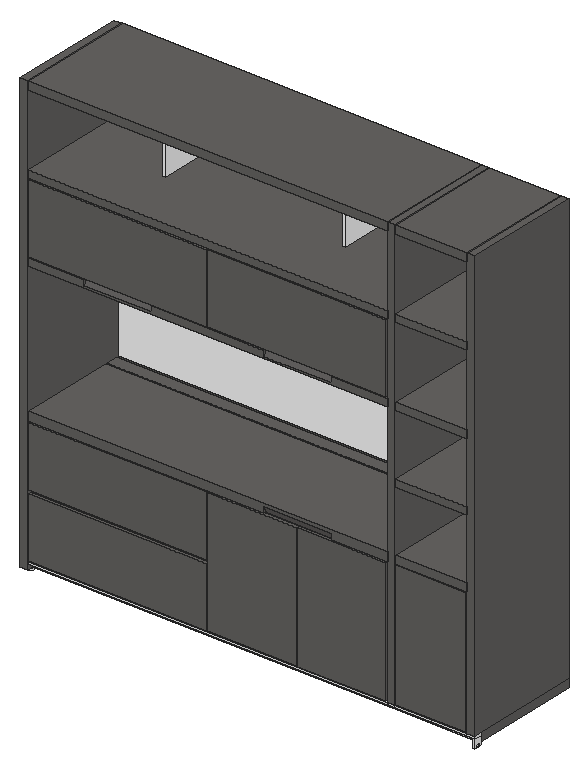
Revit family "Storage-Wall-Teknion-ZXRS_90_High_With_Lights-R2011", category Furniture Systems, Revit 2013
Parameters (values of type "(See Type Catalog)")
  Working Wall Finish [instance] = Glass - Teknion - K6 - White Backpainted
  Width = 92.642"
  Warranty = "http://www.teknionstudio.com/pdfs/Teknion%20Studio%20Warranty.pdf"
  Wall Unit Finish [instance] = Veneer - Teknion - P7 - Grey Oak
  Voltage = 120 V
  Unit Weight = 755.00 lbf
  URL = "www.teknionstudio.com"
  Tabletop Right Cutout Offset = if(Has Right Double Doors, 0.000", 4.000")  # 0.000"
  Tabletop Left Cutout Offset = if(Has Left Double Doors, 0.000", 4.000")  # 4.000"
  Storage Tower = Storage-Unit-Teknion-Tower : Upper Shelves & Lower Door
  Series = "B&B Italia"
  Product Page URL = "http://www.teknionstudio.com/acexecutive/"
  Product Line = "AC Executive"
  Product Documentation Link = "http://www.teknionstudio.com/pricing/ac_executive_storage_walls_ppg.pdf"
  Power Factor = 1
  Part Number = "ZXRS"
  Number of Poles = 1
  Model = ""
  Manufacturer Phone = "919-464-2920"
  Manufacturer Fax = "919-464-2927"
  Manufacturer Email = "customersupport@teknionstudio.com"
  Manufacturer Address = "3940 US 70 Business HWY West, Clayton, NC 27520"
  Manufacturer = "Teknion Studio"  # constant formula
  Low Emitting Material = yes
  Low Emitting Finish = yes
  Height = 89.960"
  Has Left File Drawers = not(Has Left Double Doors)  # yes
  Has Left Double Doors = no
  Has Right File File Drawers = not(Has Right Double Doors)  # no
  Has Right Double Doors = yes
  Description = ""
  Depth = 24.000"
  Assembly Code = "E2020200"
  Apparent Load = 22.8 VA
Reference planes (in)
  plane 1 "Center F/B": y = 0
  plane 2: z = 0
  plane 3 "Center L/R": x = 0
  plane 4 "Left": x = -46.321
  plane 5 "Right": x = 46.321
  plane 6 "Back": y = 12
  plane 7 "Front": y = -12
  plane 8 "Flip up Cabinets Top": z = 73.81394
  plane 9: x = 28.60446
  plane 10: z = 29.68402
  plane 11: z = 56.1289
  plane 12: x = -44.7815
  plane 13: z = 2.1289
  plane 14: x = -8.08858
  plane 15 "Foot Centerline": y = -11.2126
  plane 16 "Right Tabletop Cutout": y = -12
  plane 17 "Foot Centerline Front": y = -10.22835
  plane 18 "Foot Centerline Back": y = 10.22835
  plane 19 "Top": z = 89.96
  plane 20 "Center Lighting": y = -8.484
  plane 21 "Left Tabletop Cutout": y = -16
Forms (in)
  Sweep 1, solid, material "Veneer - Teknion - P7 - Grey Oak" <- "Wall Unit Finish"
    path origin (0, 0, 15.40683) x (-1, 0, 0) y (0, -1, 0)
      loop
        line (0, -12) -> (0, 12)
    profile origin (0, 0, 15.40683) x (1, 0, 0) y (0, 0, 1)
      loop
        line (-46.321, -14.81732) -> (-44.7815, -14.81732) -> (-44.7815, 74.55317) -> (-46.321, 74.55317) -> (-46.321, -14.81732)
  Sweep 2, solid, material "Metal - Teknion - C6 - Chrome"
    path origin (0, 0, 0) x (1, 0, 0) y (0, 0, 1)
      loop
        line (-44.7815, 2.1289) -> (28.60446, 2.1289)
    profile origin (-8.08852, 0, 2.1289) x (0, 0, 1) y (0, -1, 0)
      loop
        line (0, 12) -> (-0.394, 12) -> (-0.394, 10.4252) -> (0, 10.4252) -> (0, 12)
  Sweep 3, solid, material "Metal - Teknion - C6 - Chrome"
    path origin (0, 0, 0) x (1, 0, 0) y (0, 0, 1)
      loop
        line (-44.7815, 2.1289) -> (28.60446, 2.1289)
    profile origin (-8.08852, 0, 2.1289) x (0, 0, 1) y (0, -1, 0)
      loop
        line (-0.394, 10.6222) -> (-1.5748, 10.6222) -> (-1.5748, 10.4252) -> (-0.394, 10.4252) -> (-0.394, 10.6222)
  Sweep 4, solid, material "Veneer - Teknion - P7 - Grey Oak" <- "Wall Unit Finish"
    path origin (0, 0, 0) x (1, 0, 0) y (0, 0, 1)
      loop
        line (-44.7815, 29.68402) -> (28.60446, 29.68402)
    profile origin (-8.08852, 0, 29.68402) x (0, 0, 1) y (0, -1, 0)
      loop
        line (0, 12) -> (-1.7638, 12) -> (-1.7638, 11.276) -> (-27.55512, 11.276) -> (-27.55512, -12) -> (44.12992, -12) -> (44.12992, 12) -> (42.59055, 12) -> (42.59055, 11.2126) -> (27.98425, 11.2126) -> (27.98425, 12) -> (26.44488, 12) -> (26.44488, -10.94094) -> (0, -10.94094) -> (0, -10.90969) -> (-0.72441, -10.90969) -> (-0.72441, -10.56693) -> (0, -10.56693) -> (0, -8.05709) -> (-0.72441, -8.05709) -> (-0.72441, -7.80709) -> (0, -7.80709) -> (0, 12)
      loop
        line (60.27598, 12) -> (58.73661, 12) -> (58.73661, -12) -> (60.27598, -12) -> (60.27598, 12)
  Sweep 5, solid, material "Veneer - Teknion - P7 - Grey Oak" <- "Wall Unit Finish"
    path origin (0, 0, 15.40683) x (-1, 0, 0) y (0, -1, 0)
      loop
        line (0, 12) -> (0, 11.276)
    profile origin (0, -11.638, 15.40683) x (-1, 0, 0) y (0, 0, 1)
      loop
        line (44.5315, 42.51144) -> (44.5315, 56.61773) -> (8.21358, 56.61773) -> (8.21358, 42.51144) -> (44.5315, 42.51144)
      loop
        line (7.96358, 56.61773) -> (-28.35446, 56.61773) -> (-28.35446, 42.51144) -> (7.96358, 42.51144) -> (7.96358, 56.61773)
  Sweep 6, solid, material "Veneer - Teknion - P7 - Grey Oak" <- "Wall Unit Finish", visible <- "Has Right Double Doors"
    path origin (0, 0, 15.40683) x (-1, 0, 0) y (0, -1, 0)
      loop
        line (0, 12) -> (0, 11.276)
    profile origin (0, -11.638, 15.40683) x (-1, 0, 0) y (0, 0, 1)
      loop
        line (7.96358, 12.26339) -> (-10.06767, 12.26339) -> (-10.06767, -13.02793) -> (7.96358, -13.02793) -> (7.96358, 12.26339)
      loop
        line (-10.31767, 12.26339) -> (-28.35446, 12.26339) -> (-28.35446, -13.02793) -> (-10.31767, -13.02793) -> (-10.31767, 12.26339)
  Sweep 7, solid, material "Veneer - Teknion - P7 - Grey Oak" <- "Wall Unit Finish", visible <- "Has Right File File Drawers"
    path origin (0, 0, 15.40683) x (-1, 0, 0) y (0, -1, 0)
      loop
        line (0, 12) -> (0, 11.276)
    profile origin (0, -11.638, 15.40683) x (-1, 0, 0) y (0, 0, 1)
      loop
        line (7.96358, 12.26339) -> (-28.35446, 12.26339) -> (-28.35446, 0.01144) -> (7.96358, 0.01144) -> (7.96358, 12.26339)
      loop
        line (-28.35446, -0.77597) -> (-28.35446, -13.02793) -> (7.96358, -13.02793) -> (7.96358, -0.77597) -> (-28.35446, -0.77597)
  Sweep 8, void
    path origin (0, 0, 0) x (1, 0, 0) y (0, 0, 1)
      loop
        line (3.38793, 29.68402) -> (17.16746, 29.68402)
    profile origin (10.27769, 0, 29.68402) x (0, 0, 1) y (0, -1, 0)
      loop
        line (-1.7638, 12) -> (-1.7638, 11.52756) -> (-0.66143, 12) -> (-1.7638, 12)
  Sweep 9, void
    path origin (0, 0, 0) x (1, 0, 0) y (0, 0, 1)
      loop
        line (-33.3248, 56.1289) -> (-19.54528, 56.1289)
    profile origin (-26.43504, 0, 56.1289) x (0, 0, 1) y (0, -1, 0)
      loop
        line (1.53937, 12) -> (0.43699, 12) -> (1.53937, 11.52755) -> (1.53937, 12)
  Sweep 10, void
    path origin (0, 0, 0) x (1, 0, 0) y (0, 0, 1)
      loop
        line (3.36811, 56.1289) -> (17.14764, 56.1289)
    profile origin (10.25787, 0, 56.1289) x (0, 0, 1) y (0, -1, 0)
      loop
        line (1.53937, 11.52755) -> (1.53937, 12) -> (0.43699, 12) -> (1.53937, 11.52755)
  Revolve 11, solid, material "Metal - Teknion - C6 - Chrome"
    sketch origin (0, -10.22835, 0) x (0, 0, 1) y (1, 0, 0)
      loop
        line (0, -45.55118) -> (0, -46.28917) -> (0.23622, -46.28917) -> (0.23622, -45.83352) -> (0.58951, -45.83352) -> (0.58951, -45.55118) -> (0, -45.55118)
      axis (0, -45.55118) -> (0.58951, -45.55118)
    angle from 0 to 360
  Revolve 12, solid, material "Metal - Teknion - C6 - Chrome"
    sketch origin (0, 10.22835, 0) x (0, 0, 1) y (1, 0, 0)
      loop
        line (0, -45.55118) -> (0, -46.28917) -> (0.23622, -46.28917) -> (0.23622, -45.83352) -> (0.58951, -45.83352) -> (0.58951, -45.55118) -> (0, -45.55118)
      axis (0, -45.55118) -> (0.58951, -45.55118)
    angle from 0 to 360
  Sweep 13, solid, material "Acrylic - Teknion - Clear"
    path origin (0, 0, 15.40683) x (-1, 0, 0) y (0, -1, 0)
      loop
        line (8.08858, -11.25197) -> (8.08858, 0.16535)
    profile origin (-8.08858, 5.54331, 15.40683) x (1, 0, 0) y (0, 0, 1)
      loop
        line (-18.64357, 73.0138) -> (-18.64357, 58.4071) -> (-18.04908, 58.4071) -> (-18.04908, 73.0138) -> (-18.64357, 73.0138)
      loop
        line (18.04935, 73.0138) -> (18.04935, 58.4071) -> (18.64383, 58.4071) -> (18.64383, 73.0138) -> (18.04935, 73.0138)
  Sweep 14, solid, material "Veneer - Teknion - P7 - Grey Oak" <- "Wall Unit Finish", visible <- "Has Left File Drawers"
    path origin (0, 0, 0) x (0, 1, 0) y (0, 0, 1)
      loop
        line (-11.276, 2.1289) -> (-12, 2.1289)
    profile origin (0, -11.638, 2.1289) x (0, 0, -1) y (1, 0, 0)
      loop
        line (-25.54132, -44.53163) -> (-13.28937, -44.53163) -> (-13.28937, -8.21358) -> (-25.54132, -8.21358) -> (-25.54132, -44.53163)
      loop
        line (-12.50197, -44.53163) -> (-0.25, -44.53163) -> (-0.25, -8.21358) -> (-12.50197, -8.21358) -> (-12.50197, -44.53163)
  Sweep 15, solid, material "Veneer - Teknion - P7 - Grey Oak" <- "Wall Unit Finish", visible <- "Has Left Double Doors"
    path origin (0, 0, 0) x (0, 1, 0) y (0, 0, 1)
      loop
        line (-12, 2.1289) -> (-11.276, 2.1289)
    profile origin (0, -11.638, 2.1289) x (0, 0, 1) y (1, 0, 0)
      loop
        line (25.54132, -26.49483) -> (0.25, -26.49483) -> (0.25, -44.53163) -> (25.54132, -44.53163) -> (25.54132, -26.49483)
      loop
        line (0.25, -26.24483) -> (25.54132, -26.24483) -> (25.54132, -8.21358) -> (0.25, -8.21358) -> (0.25, -26.24483)
  Sweep 16, void
    path origin (0, 0, 0) x (1, 0, 0) y (0, 0, 1)
      loop
        line (-19.56509, 29.68402) -> (-33.34462, 29.68402)
    profile origin (-26.45486, 0, 29.68402) x (0, 0, -1) y (0, -1, 0)
      loop
        line (1.7638, 15.52756) -> (1.7638, 16) -> (0.66143, 16) -> (1.7638, 15.52756)
Cuts and joins
  joined: Sweep 2, Sweep 3
  Sweep 8, Sweep 9, Sweep 10, Sweep 16 cuts Sweep 4
Lines and regions (in)
  Masking region 1
    outline origin (0, 0, 15.40683) x (-1, 0, 0) y (0, -1, 0)
      loop
        line (46.321, -12) -> (46.321, 12) -> (-28.60446, 12) -> (-28.60446, -12) -> (46.321, -12)
  symbolic lines, style "Elevation Swing"
    curve 1: line (-44.7815, -12, 57.66827) -> (-26.43504, -12, 72.02457)
    curve 2: line (-8.08858, -12, 57.66832) -> (-26.43504, -12, 72.02457)
    curve 3: line (-8.08858, 0, 57.66832) -> (10.25794, 0, 72.19583)
    curve 4: line (10.25794, 0, 72.19583) -> (28.60446, 0, 57.66827)
  symbolic lines, detail levels medium+fine
    curve 5: line (-44.7815, 12, 15.40683) -> (-44.7815, -12, 15.40683)
  symbolic lines, style "FurnitureSystemsHiddenLines", detail levels fine
    curve 6: line (28.60446, -11.276, 15.40683) -> (-44.7815, -11.276, 15.40683)
    curve 8: line (-8.08858, 12, 15.40683) -> (-8.08858, -12, 15.40683)
  symbolic lines, visible <- "Has Right Double Doors"
    curve 7: line (-8.08858, -12, 15.40683) -> (-8.08858, -30.34652, 15.40683)
    curve 9: arc (10.25794, -12, 15.40683) -> (15.63151, -24.97295, 15.40683) -> (28.60446, -30.34652, 15.40683) r 18.34652
    curve 10: line (28.60446, -12, 15.40683) -> (28.60446, -30.34652, 15.40683)
    curve 11: arc (-8.08858, -30.34652, 15.40683) -> (4.88437, -24.97295, 15.40683) -> (10.25794, -12, 15.40683) r 18.34652
  symbolic lines, style "Elevation Swing", visible <- "Has Left Double Doors"
    curve 12: line (-26.24483, 0, 27.67022) -> (-8.21358, 0, 15.02111)
    curve 13: line (-8.21358, 0, 15.02111) -> (-26.24483, 0, 2.37201)
    curve 14: line (-26.49483, 0, 2.3789) -> (-44.53163, 0, 15.02456)
    curve 15: line (-44.53163, 0, 15.02456) -> (-26.49483, 0, 27.67022)
  symbolic lines, style "Elevation Swing", built-in parameter 1006206 <- "Has Right Double Doors", visible <- "Has Right Double Doors"
    curve 16: line (10.06767, 0, 27.67022) -> (-7.96358, 0, 15.02111)
    curve 17: line (10.31767, 0, 2.3789) -> (28.35446, 0, 15.02456)
    curve 18: line (28.35446, 0, 15.02456) -> (10.31767, 0, 27.67022)
    curve 19: line (10.06767, 0, 2.3789) -> (-7.96358, 0, 15.02111)
  symbolic lines, visible <- "Has Left Double Doors"
    curve 20: line (-44.7815, -12, 15.40683) -> (-44.7815, -30.34652, 15.40683)
    curve 21: arc (-26.43511, -12, 15.40683) -> (-21.06153, -24.97295, 15.40683) -> (-8.08858, -30.34652, 15.40683) r 18.34652
    curve 22: line (-8.08858, -12, 15.40683) -> (-8.08858, -30.34652, 15.40683)
    curve 23: arc (-44.7815, -30.34652, 15.40683) -> (-31.80854, -24.97295, 15.40683) -> (-26.43497, -12, 15.40683) r 18.34652
Dimensions and locks (in)
  equal spacing: plane 4 "Left", plane 3 "Center L/R", plane 5 "Right"
  "Width": plane 4 "Left" to plane 5 "Right"
  equal spacing: plane 6 "Back", plane 1 "Center F/B", plane 7 "Front"
  "Depth": plane 6 "Back" to plane 7 "Front"
  locked: plane 9 to plane 5 "Right" at 17.71654
  "Height": plane 19 "Top" to plane 2
  locked: plane 10 to plane 2 at 29.68402
  locked: plane 11 to plane 10 at 26.44488
  locked: plane 13 to plane 2 at 2.1289
  locked: plane 13 to Sweep 3 sketch curve at 0.394
  locked: Sweep 3 sketch curve to Sweep 3 sketch curve at 1.1808
  plane 7 "Front" to Sweep 3 sketch curve to Sweep 3 sketch curve = 1.3778" locked, 0.197" locked
  locked: plane 7 "Front" to plane 15 "Foot Centerline" at 0.7874
  locked: plane 10 to Sweep 4 sketch curve at 1.7638
  locked: Sweep 1 sketch curve to plane 2 at 0.58951
  locked: plane 14 to plane 3 "Center L/R" at 8.08858
  locked: plane 7 "Front" to Sweep 5 sketch curve at 0.724
  plane 8 "Flip up Cabinets Top" to Sweep 5 sketch curve to Sweep 5 sketch curve = 1.78937" locked, 14.1063" locked
  plane 8 "Flip up Cabinets Top" to Sweep 5 sketch curve to Sweep 5 sketch curve = 1.78937", 14.1063"
  Sweep 5 sketch curve to plane 3 "Center L/R" to Sweep 5 sketch curve to Sweep 5 sketch curve to Sweep 5 sketch curve = 28.35446" locked, 7.96358" locked, 0.250" locked, 36.31791" locked
  locked: plane 7 "Front" to Sweep 6 sketch curve at 0.724
  locked: plane 10 to Sweep 6 sketch curve at 2.0138  (x2)
  locked: Sweep 6 sketch curve to Sweep 6 sketch curve at 25.29132  (x2)
  Sweep 6 sketch curve to Sweep 6 sketch curve to Sweep 6 sketch curve to Sweep 6 sketch curve to plane 14 = 18.0368" locked, 0.250" locked, 18.03125" locked, 0.125" locked
  locked: plane 7 "Front" to Sweep 7 sketch curve at 0.724
  plane 10 to Sweep 7 sketch curve to Sweep 7 sketch curve to Sweep 7 sketch curve to Sweep 7 sketch curve = 2.0138" locked, 12.25195" locked, 0.7874" locked, 12.25197" locked
  Sweep 7 sketch curve to Sweep 7 sketch curve to plane 14 = 36.31805" locked, 0.125" locked  (x2)
  Sweep 8 sketch curve to Sweep 8 sketch curve to plane 14 = 13.77953" locked, 11.47651" locked
  locked: plane 10 to Sweep 8 sketch curve at 1.7638
  locked: plane 16 "Right Tabletop Cutout" to Sweep 8 sketch curve at 0.47244
  "Tabletop Right Cutout Offset": plane 16 "Right Tabletop Cutout" to plane 7 "Front"
  Sweep 9 sketch curve to Sweep 9 sketch curve to plane 4 "Left" = 13.77953" locked, 12.9962" locked
  locked: Sweep 9 sketch curve to plane 11 at 1.53937
  locked: Sweep 9 sketch curve to plane 11 at 0.43699
  locked: plane 7 "Front" to Sweep 9 sketch curve at 0.47245
  Sweep 10 sketch curve to Sweep 10 sketch curve to plane 11 = 1.10238" locked, 0.43699" locked
  locked: plane 7 "Front" to Sweep 10 sketch curve at 0.47245
  locked: Revolve 11 sketch curve to plane 4 "Left" at 0.76982
  Revolve 11 sketch curve to Revolve 11 sketch curve to plane 2 = 0.35329" locked, 0.23622" locked
  locked: Revolve 11 sketch curve to plane 4 "Left" at 0.03183
  locked: Revolve 12 sketch curve to plane 4 "Left" at 0.76982
  Revolve 12 sketch curve to Revolve 12 sketch curve to plane 2 = 0.35329" locked, 0.23622" locked
  locked: Revolve 12 sketch curve to plane 4 "Left" at 0.03183
  equal spacing: plane 14, curve 2, plane 12
  equal spacing: plane 9, curve 4, plane 14
  locked: plane 7 "Front" to curve 6 at 0.724
  plane 6 "Back" to Sweep 13 sketch curve to Sweep 13 sketch curve = 0.74803" locked, 11.41732" locked
  Sweep 13 sketch curve to Sweep 13 sketch curve to plane 14 = 0.59449" locked, 18.04935" locked
  plane 14 to Sweep 13 sketch curve to Sweep 13 sketch curve = 18.04908" locked, 0.59449" locked
  locked: plane 19 "Top" to Sweep 4 sketch curve at 1.53937
  locked: plane 8 "Flip up Cabinets Top" to Sweep 4 sketch curve at 1.53937
  locked: Sweep 4 sketch curve to plane 11 at 1.53937
  locked: plane 4 "Left" to plane 12 at 1.5395
  locked: plane 19 "Top" to plane 8 "Flip up Cabinets Top" at 16.14606
  locked: plane 6 "Back" to plane 18 "Foot Centerline Back" at 1.77165
  locked: plane 17 "Foot Centerline Front" to plane 7 "Front" at 1.77165
  plane 12 to plane 14 = 36.69291"
  locked: plane 7 "Front" to plane 20 "Center Lighting" at 3.516
  locked: plane 13 to Sweep 2 sketch curve at 0.394
  locked: plane 7 "Front" to Sweep 2 sketch curve at 1.5748
  locked: plane 7 "Front" to Sweep 4 sketch curve at 0.724
  locked: plane 7 "Front" to Sweep 14 sketch curve at 0.724
  plane 10 to Sweep 14 sketch curve to Sweep 14 sketch curve to Sweep 14 sketch curve to Sweep 14 sketch curve = 2.0138" locked, 12.25195" locked, 0.7874" locked, 12.25197" locked
  Sweep 14 sketch curve to Sweep 14 sketch curve to plane 12 = 36.31805" locked, 0.24987" locked  (x2)
  locked: plane 7 "Front" to Sweep 15 sketch curve at 0.724
  plane 14 to Sweep 15 sketch curve to Sweep 15 sketch curve to Sweep 15 sketch curve to Sweep 15 sketch curve = 0.125" locked, 18.03125" locked, 0.250" locked, 18.0368" locked
  plane 10 to Sweep 15 sketch curve to Sweep 15 sketch curve = 2.0138" locked, 25.29132" locked  (x2)
  Sweep 16 sketch curve to Sweep 16 sketch curve to plane 4 "Left" = 13.77953" locked, 12.97638" locked
  locked: plane 10 to Sweep 16 sketch curve at 1.7638
  locked: plane 21 "Left Tabletop Cutout" to Sweep 16 sketch curve at 0.47244
  locked: plane 10 to Sweep 16 sketch curve at 0.66143
  "Tabletop Left Cutout Offset": plane 21 "Left Tabletop Cutout" to plane 7 "Front"
  aligned and locked: level to plane 2
  aligned and locked: nested 1 to plane 5 "Right"
  aligned and locked: plane 6 "Back" to Sweep 1 sketch curve
  aligned and locked: plane 7 "Front" to Sweep 1 sketch curve
  aligned and locked: Sweep 1 sketch curve to plane 3 "Center L/R"
  aligned and locked: plane 4 "Left" to Sweep 1 sketch curve  (x2)
  aligned and locked: Sweep 2 sketch curve to plane 13  (x2)
  aligned and locked: Sweep 2 sketch curve to plane 7 "Front"
  aligned and locked: Sweep 3 sketch curve to plane 13
  aligned and locked: plane 12 to Sweep 4 sketch curve
  aligned and locked: plane 9 to Sweep 4 sketch curve
  aligned and locked: Sweep 4 sketch curve to plane 10  (x3)
  aligned and locked: Sweep 4 sketch curve to plane 7 "Front"  (x3)
  aligned and locked: plane 6 "Back" to Sweep 4 sketch curve
  aligned and locked: plane 3 "Center L/R" to Sweep 5 sketch curve
  aligned and locked: plane 7 "Front" to Sweep 5 sketch curve
  aligned and locked: Sweep 4 sketch curve to plane 11
  aligned and locked: plane 3 "Center L/R" to Sweep 6 sketch curve
  aligned and locked: plane 7 "Front" to Sweep 6 sketch curve
  aligned and locked: plane 7 "Front" to Sweep 7 sketch curve
  aligned and locked: plane 3 "Center L/R" to Sweep 7 sketch curve
  aligned and locked: Sweep 8 sketch curve to plane 10
  aligned and locked: plane 16 "Right Tabletop Cutout" to Sweep 8 sketch curve
  aligned and locked: Sweep 9 sketch curve to plane 11
  aligned and locked: Sweep 10 sketch curve to plane 11
  aligned and locked: Sweep 10 sketch curve to plane 7 "Front"
  aligned and locked: plane 2 to Revolve 11 sketch curve
  aligned and locked: Revolve 12 sketch curve to plane 2
  aligned and locked: plane 12 to curve 1
  aligned and locked: plane 14 to curve 2
  aligned and locked: Sweep 5 to curve 2
  aligned and locked: plane 9 to curve 4
  aligned and locked: plane 14 to curve 3
  aligned and locked: Masking region 1 sketch curve to plane 6 "Back"
  aligned and locked: plane 4 "Left" to Masking region 1 sketch curve
  aligned and locked: Masking region 1 sketch curve to plane 7 "Front"
  aligned and locked: Masking region 1 sketch curve to nested 1
  aligned and locked: plane 6 "Back" to curve 5
  aligned and locked: plane 7 "Front" to curve 5
  aligned and locked: curve 5 to plane 12
  aligned and locked: plane 9 to curve 6
  aligned and locked: curve 8 to plane 14
  aligned and locked: plane 7 "Front" to Sweep 9 sketch curve
  aligned and locked: Sweep 1 sketch curve to plane 19 "Top"
  aligned and locked: Sweep 13 sketch curve to plane 14
  aligned and locked: plane 8 "Flip up Cabinets Top" to Sweep 13 sketch curve  (x2)
  aligned and locked: Sweep 4 sketch curve to plane 8 "Flip up Cabinets Top"
  aligned and locked: Sweep 4 sketch curve to plane 6 "Back"
  aligned and locked: Sweep 4 sketch curve to plane 19 "Top"
  aligned and locked: Sweep 4 sketch curve to plane 15 "Foot Centerline"
  aligned and locked: plane 7 "Front" to Sweep 4 sketch curve
  aligned and locked: plane 2 to nested 1
  aligned and locked: Sweep 1 sketch curve to plane 12
  aligned and locked: plane 1 "Center F/B" to nested 1
  aligned and locked: plane 11 to nested 2
  aligned and locked: plane 14 to nested 2
  aligned and locked: curve 10 to plane 9
  aligned and locked: curve 8 to curve 7
  aligned and locked: plane 9 to Sweep 2 sketch curve
  aligned and locked: plane 9 to Sweep 3 sketch curve
  aligned and locked: plane 7 "Front" to curve 10
  aligned and locked: Sweep 6 to plane 7 "Front"
  aligned and locked: plane 7 "Front" to curve 9
  aligned and locked: Sweep 4 sketch curve to plane 13
  aligned and locked: plane 12 to Sweep 2 sketch curve
  aligned and locked: plane 12 to Sweep 3 sketch curve
  aligned and locked: plane 7 "Front" to Sweep 14 sketch curve
  aligned and locked: plane 7 "Front" to Sweep 15 sketch curve
  aligned and locked: Sweep 15 sketch curve to plane 13
  aligned and locked: Sweep 15 to curve 12
  aligned and locked: Sweep 15 to curve 13
  aligned and locked: Sweep 15 to curve 14
  aligned and locked: Sweep 15 to curve 15
  aligned and locked: Sweep 6 to curve 16
  aligned and locked: Sweep 6 to curve 17
  aligned and locked: curve 18 to Sweep 6
  aligned and locked: curve 19 to Sweep 6
  aligned and locked: curve 20 to plane 12
  aligned and locked: plane 7 "Front" to curve 23
  aligned and locked: plane 7 "Front" to curve 21
  aligned and locked: plane 10 to Sweep 16 sketch curve
  aligned and locked: Sweep 16 sketch curve to plane 21 "Left Tabletop Cutout"
  aligned and locked: plane 6 "Back" to curve 8
  aligned and locked: plane 7 "Front" to curve 8
Automatic sketch dimensions
  profile plane to Sweep 8 sketch curve = 0.66143"
  plane 3 "Center L/R" to Sweep 10 sketch curve = 3.36811"
  Sweep 10 sketch curve to plane 9 = 11.45683"
  Revolve 11 sketch curve to level = 0.000"
  Revolve 11 sketch curve to Revolve 11 sketch curve = 0.000"  (x2)
  Revolve 11 sketch curve to Revolve 11 sketch curve = 0.28234"
  Revolve 12 sketch curve to level = 0.000"
  Revolve 12 sketch curve to Revolve 12 sketch curve = 0.000"  (x2)
  Revolve 12 sketch curve to Revolve 12 sketch curve = 0.28234"
  plane 11 to curve 2 = 1.53942"
  plane 11 to curve 1 = 1.53937"
  Sweep 13 sketch curve to Sweep 13 sketch curve = 14.60669"  (x2)
  profile plane to Sweep 4 sketch curve = 0.000"
  Sweep 4 sketch curve to Sweep 4 sketch curve = 0.72441"
  profile plane to Sweep 4 sketch curve = 0.72441"
  Sweep 4 sketch curve to Sweep 4 sketch curve = 0.03125"
  Sweep 4 sketch curve to Sweep 4 sketch curve = 0.34277"
  Sweep 4 sketch curve to Sweep 4 sketch curve = 2.50984"
  Sweep 4 sketch curve to Sweep 4 sketch curve = 0.250"
  Sweep 4 sketch curve to Sweep 4 sketch curve = 19.08309"
  plane 13 to Sweep 14 sketch curve = 0.000"
  plane 13 to curve 14 = 0.250"
  curve 14 to curve 13 = 0.250"
  curve 12 to plane 10 = 2.0138"
  curve 15 to curve 12 = 0.250"
  curve 16 to plane 10 = 2.0138"
  curve 16 to curve 18 = 0.250"
  plane 13 to curve 19 = 0.250"
  plane 13 to curve 17 = 0.250"
  curve 19 to curve 17 = 0.250"
  plane 13 to curve 13 = 0.24311"
  plane 13 to curve 19 = 12.89222"
  curve 12 to curve 19 = 0.000"
  plane 13 to curve 14 = 12.89566"
  plane 13 to curve 18 = 12.89566"
  curve 15 to curve 12 = 0.000"
  curve 18 to curve 16 = 0.000"
  plane 11 to curve 4 = 1.53937"
  plane 11 to curve 3 = 1.53942"
  curve 3 to plane 8 "Flip up Cabinets Top" = 1.61811"
  curve 11 to curve 21 = 0.000"
  plane 3 "Center L/R" to curve 9 = 10.25794"
  curve 23 to curve 21 = 0.00013"
Nested families (in)
  nested 1: "Storage-Unit-Teknion-Tower" at (37.46273, 0, 0), Height <- "Height", type <- "Storage Tower", type "Upper Shelves & Lower Door"
    with Height 89.960", Has Top Shelf yes, Bottom Drawer Height 26.016"
  nested 2: "Lighting-Teknion-Storage_Wall" at (-8.08858, 0.12401, 56.1289), type "Lighting-Teknion-Storage_Wall"
Connectors (in)
  electrical at (-8.08852, 12, 37.97142), driven by "Number of Poles", driven by "Voltage", driven by "Apparent Load", driven by "Power Factor"
    settings: on cut or joined group of Sweep 4, Sweep 8, Sweep 9, Sweep 10, Sweep 16, index 1, voltage 120 V, apparent load 0 VA, apparent load phase1 22.8 VA, apparent load phase2 0 VA, apparent load phase3 0 VA, power factor 1, load classification "Other", number of poles 1, system type 31, power factor state 1, is connector primary yes, connector utility no, sub classification motor no, connector description "Electrical Connector"
Definition of nested family "Storage-Unit-Teknion-Tower"
  Parameters (values of type "Upper Wardrobe & Lower Door")
    Width = 17.71654"
    Warranty = "http://www.teknionstudio.com/pdfs/Teknion%20Studio%20Warranty.pdf"
    Wall Unit Finish = Veneer - Teknion - P8 - Light Brushed Oak
    URL = "www.teknionstudio.com"
    Series = "B&B Italia"
    Product Line = "AC Executive"
    Model = ""
    Middle Drawer Height = if(Has Top Drawer, 6.425", 12.719")  # 12.719"
    Manufacturer Phone = "919-464-2920"
    Manufacturer Fax = "919-464-2927"
    Manufacturer Email = "customersupport@teknionstudio.com"
    Manufacturer Address = "3940 US 70 Business HWY West, Clayton, NC 27520"
    Manufacturer = "Teknion Studio"  # constant formula
    Height [instance] = 73.81394"
    Has Top Shelf [instance] = and(Height > 75.000", Has Shelves)  # no
    Has Top Drawer = no
    Has Top Door = yes
    Has Shelves = no
    Has Right Leg = yes
    Has Middle Drawer = no
    Has Lower Shelf = yes
    Has Left Leg = no
    Has Full Wardrobe Door = no
    Has Doors = yes
    Door Projection Symbol = yes
    Description = "Tower Storage Unit"
    Depth = 24.000"
    Bottom Drawer Height [instance] = if(Has Middle Drawer, 13.047", if(Has Top Drawer, 13.047", if(Has Full Wardrobe Door, (Height - 3.668"), 26.016")))  # 26.016"
    Assembly Code = "E2010200"
  Types (7): name | Wall Unit Finish | Series | Product Line | Middle Drawer Height | Has Top Drawer | Has Top Door | Has Shelves | Has Middle Drawer | Has Lower Shelf | Has Full Wardrobe Door | Has Doors | Door Projection Symbol | Bottom Drawer Height
    Upper Shelves & Lower Door | none | "AC Executive" | "" | 12.719" | no | no | yes | no | yes | no | yes | yes | 26.016"
    Upper Shelves & File/File Pedestal | none | "AC Executive" | "" | 12.719" | no | no | yes | yes | yes | no | no | no | 13.047"
    Upper Shelves & Box/Box/File Pedestal | Veneer - Teknion - P8 - Light Brushed Oak | "AC Executive" | "" | 6.425" | yes | no | yes | yes | yes | yes | no | no | 13.047"
    Full Wardrobe | none | "AC Executive" | "" | 12.719" | no | no | no | no | no | yes | yes | yes | 70.14594"
    Upper Wardrobe & Lower Door | Veneer - Teknion - P8 - Light Brushed Oak | "B&B Italia" | "AC Executive" | 12.719" | no | yes | no | no | yes | no | yes | yes | 26.016"
    Upper Wardrobe & File/File Pedestal | none | "AC Executive" | "" | 12.719" | no | yes | no | yes | yes | no | no | yes | 13.047"
    Upper Wardrobe & Box/Box/File Pedestal | none | "AC Executive" | "" | 6.425" | yes | yes | no | yes | yes | no | no | yes | 13.047"
  Reference planes (in)
    plane 1 "Center F/B": y = 0
    plane 2: z = 0
    plane 3 "Center L/R": x = 0
    plane 4 "Left": x = -8.85827
    plane 5 "Right": x = 8.85827
    plane 6 "Back": y = 12
    plane 7 "Front": y = -12
    plane 8 "Top": z = 73.81394
    plane 9: x = -7.3189
    plane 10: x = 7.3189
    plane 11: z = 2.1289
    plane 12 "Foot Centerline": y = -11.2126
    plane 13: z = 29.68402
    plane 14 "Drawer 1 Top": z = 28.1449
    plane 15 "Drawer 2 Top": z = 40.8639
    plane 16 "Drawer 3 Top": z = 27.89502
    plane 17: z = 42.13677
  Forms (in)
    Sweep 1, solid, material "Metal - Teknion - C6 - Chrome", visible <- "Has Left Leg"
      path origin (0, -12, 0) x (1, 0, 0) y (0, 0, 1)
        loop
          line (-8.85827, 1.7349) -> (-8.85827, 0.05803)
      profile origin (-8.85827, -12, 0.89646) x (0, -1, 0) y (1, 0, 0)
        loop
          line (-1.5748, 0) -> (0, 0) -> (0, 0.394) -> (-1.5748, 0.394) -> (-1.5748, 0)
    Sweep 2, solid, material "Metal - Teknion - C6 - Chrome"
      path origin (0, -12, 0) x (1, 0, 0) y (0, 0, 1)
        loop
          line (-8.85827, 2.1289) -> (8.46427, 2.1289)
      profile origin (-0.197, -12, 2.1289) x (0, 0, 1) y (0, -1, 0)
        loop
          line (-0.394, -1.5748) -> (-0.394, -1.3778) -> (-1.575, -1.3778) -> (-1.575, -1.5748) -> (-0.394, -1.5748)
    Revolve 3, solid, material "Metal - Teknion - C6 - Chrome"
      sketch origin (0, -11.2126, 0) x (0, 0, -1) y (1, 0, 0)
        loop
          line (-0.4911, 8.32677) -> (-0.45173, 8.2874) -> (-0.28492, 8.2874) -> (-0.24555, 8.32677) -> (-0.20618, 8.2874) -> (-0.03937, 8.2874) -> (0, 8.32677) -> (0, 8.66142) -> (-0.4911, 8.66142) -> (-0.4911, 8.32677)
        axis (0, 8.66142) -> (-0.4911, 8.66142)
      angle from 0 to 360
    Revolve 4, solid, material "Metal - Teknion - C6 - Chrome", visible <- "Has Left Leg"
      sketch origin (0, -11.2126, 0) x (0, 0, -1) y (1, 0, 0)
        loop
          line (0, -8.99606) -> (0, -8.66142) -> (-0.4911, -8.66142) -> (-0.4911, -8.99606) -> (-0.45173, -9.03543) -> (-0.28492, -9.03543) -> (-0.24555, -8.99606) -> (-0.20618, -9.03543) -> (-0.03937, -9.03543) -> (0, -8.99606)
        axis (0, -8.66142) -> (-0.4911, -8.66142)
      angle from 0 to 360
    Sweep 5, solid, material "Veneer - Teknion - P8 - Light Brushed Oak" <- "Wall Unit Finish"
      path origin (0, 0, 0) x (1, 0, 0) y (0, 0, 1)
        loop
          line (0, 2.1289) -> (0, 73.81394)
      profile origin (0, 0, 37.97142) x (-1, 0, 0) y (0, -1, 0)
        loop
          line (8.85827, -12) -> (8.85827, 12) -> (7.3189, 12) -> (7.3189, -12) -> (8.85827, -12)
        loop
          line (-7.3189, 12) -> (-8.85827, 12) -> (-8.85827, -12) -> (-7.3189, -12) -> (-7.3189, 12)
    Sweep 6, solid, material "Veneer - Teknion - P8 - Light Brushed Oak" <- "Wall Unit Finish"
      path origin (0, 0, 15.40683) x (-1, 0, 0) y (0, -1, 0)
        loop
          line (0, -12) -> (0, 12)
      profile origin (0, 0, 15.40683) x (1, 0, 0) y (0, 0, 1)
        loop
          line (-7.3189, 58.4071) -> (-7.3189, 56.86773) -> (7.3189, 56.86773) -> (7.3189, 58.4071) -> (-7.3189, 58.4071)
    Sweep 7, solid, material "Veneer - Teknion - P8 - Light Brushed Oak" <- "Wall Unit Finish"
      path origin (0, -12, 0) x (1, 0, 0) y (0, 0, 1)
        loop
          line (0, 2.1289) -> (0, 72.27457)
      profile origin (0, -12, 37.20173) x (-1, 0, 0) y (0, -1, 0)
        loop
          line (7.3189, -24) -> (7.3189, -23.25) -> (-7.3189, -23.25) -> (-7.3189, -24) -> (7.3189, -24)
    Sweep 8, solid, material "Veneer - Teknion - P8 - Light Brushed Oak" <- "Wall Unit Finish", visible <- "Has Lower Shelf"
      path origin (0, -12, 0) x (1, 0, 0) y (0, 0, 1)
        loop
          line (-7.3189, 29.68402) -> (7.3189, 29.68402)
      profile origin (0, -12, 29.68402) x (0, 0, 1) y (0, -1, 0)
        loop
          line (0, 0) -> (-1.539, 0) -> (-1.539, -0.724) -> (-27.55512, -0.724) -> (-27.55512, -23.25) -> (0, -23.25) -> (0, 0)
    Sweep 9, solid, material "Veneer - Teknion - P8 - Light Brushed Oak" <- "Wall Unit Finish"
      path origin (0, -12, 0) x (1, 0, 0) y (0, 0, 1)
        loop
          line (0, 2.3789) -> (0, 27.8949)
      profile origin (0, -12, 15.1369) x (-1, 0, 0) y (0, -1, 0)
        loop
          line (7.0689, -0.724) -> (7.0689, 0) -> (-7.0689, 0) -> (-7.0689, -0.724) -> (7.0689, -0.724)
    Sweep 10, solid, material "Veneer - Teknion - P8 - Light Brushed Oak" <- "Wall Unit Finish", visible <- "Has Middle Drawer"
      path origin (0, -12, 0) x (1, 0, 0) y (0, 0, 1)
        loop
          line (0, 28.1449) -> (0, 40.8639)
      profile origin (0, -12, 34.5044) x (-1, 0, 0) y (0, -1, 0)
        loop
          line (7.0689, -0.724) -> (7.0689, 0) -> (-7.0689, 0) -> (-7.0689, -0.724) -> (7.0689, -0.724)
    Sweep 11, solid, material "Veneer - Teknion - P8 - Light Brushed Oak" <- "Wall Unit Finish", visible <- "Has Top Drawer"
      path origin (0, -12, 0) x (1, 0, 0) y (0, 0, 1)
        loop
          line (0, 47.15802) -> (0, 41.1139)
      profile origin (0, -12, 44.13596) x (0, -1, 0) y (1, 0, 0)
        loop
          line (0, 7.0689) -> (-0.724, 7.0689) -> (-0.724, -7.0689) -> (0, -7.0689) -> (0, 7.0689)
    Sweep 12, solid, material "Veneer - Teknion - P8 - Light Brushed Oak" <- "Wall Unit Finish", visible <- "Has Shelves"
      path origin (0, -12, 0) x (1, 0, 0) y (0, 0, 1)
        loop
          line (0, 42.13677) -> (0, 43.67614)
      profile origin (0, -12, 42.90646) x (-1, 0, 0) y (0, -1, 0)
        loop
          line (7.3189, -23.25) -> (7.3189, 0) -> (-7.3189, 0) -> (-7.3189, -23.25) -> (7.3189, -23.25)
    Sweep 13, solid, material "Veneer - Teknion - P8 - Light Brushed Oak" <- "Wall Unit Finish", visible <- "Has Shelves"
      path origin (0, -12, 13.9918) x (1, 0, 0) y (0, 0, 1)
        loop
          line (0, 42.13677) -> (0, 43.67614)
      profile origin (0, -12, 56.89825) x (-1, 0, 0) y (0, -1, 0)
        loop
          line (7.3189, -23.25) -> (7.3189, 0) -> (-7.3189, 0) -> (-7.3189, -23.25) -> (7.3189, -23.25)
    Sweep 14, solid, material "Veneer - Teknion - P8 - Light Brushed Oak" <- "Wall Unit Finish", visible <- "Has Top Door"
      path origin (0, -12, 0) x (1, 0, 0) y (0, 0, 1)
        loop
          line (0, 29.93402) -> (0, 72.02457)
      profile origin (0, -12, 50.97929) x (-1, 0, 0) y (0, -1, 0)
        loop
          line (7.0689, -0.724) -> (7.0689, 0) -> (-7.0689, 0) -> (-7.0689, -0.724) -> (7.0689, -0.724)
    Sweep 15, solid, material "Veneer - Teknion - P8 - Light Brushed Oak" <- "Wall Unit Finish"
      path origin (0, -12, 0) x (1, 0, 0) y (0, 0, 1)
        loop
          line (-8.85827, 2.1289) -> (8.85827, 2.1289)
      profile origin (0, -12, 2.1289) x (0, 0, 1) y (0, -1, 0)
        loop
          line (0, -1.5748) -> (-1.53937, -1.5748) -> (-1.53937, -24) -> (0, -24) -> (0, -1.5748)
    Sweep 16, solid, material "Veneer - Teknion - P8 - Light Brushed Oak" <- "Wall Unit Finish", visible <- "Has Top Shelf"
      path origin (0, 0, 0) x (1, 0, 0) y (0, 0, 1)
        loop
          line (0, 73.81394) -> (0, 72.27457)
      profile origin (0, 0, 73.04425) x (0, -1, 0) y (1, 0, 0)
        loop
          line (-11.25, -7.3189) -> (12, -7.3189) -> (12, 7.3189) -> (-11.25, 7.3189) -> (-11.25, -7.3189)
    Sweep 17, solid, material "Metal - Teknion - C6 - Chrome"
      path origin (0, 0, 0) x (1, 0, 0) y (0, 0, 1)
        loop
          line (-8.85827, 2.1289) -> (8.85827, 2.1289)
      profile origin (0, 0, 2.1289) x (0, 0, 1) y (0, -1, 0)
        loop
          line (0, 10.4252) -> (0, 12) -> (-0.394, 12) -> (-0.394, 10.4252) -> (0, 10.4252)
    Sweep 18, solid, material "Metal - Teknion - C6 - Chrome"
      path origin (0, 0, 0) x (1, 0, 0) y (0, 0, 1)
        loop
          line (8.85827, 1.7349) -> (8.85827, 0.05803)
      profile origin (8.85827, 0, 0.89646) x (0, -1, 0) y (1, 0, 0)
        loop
          line (10.4252, -0.394) -> (12, -0.394) -> (12, 0) -> (10.4252, 0) -> (10.4252, -0.394)
  Lines and regions (in)
    Masking region 1
      outline origin (0, 0, 15.40683) x (-1, 0, 0) y (0, -1, 0)
        loop
          line (8.85827, -12) -> (8.85827, 12) -> (-8.85827, 12) -> (-8.85827, -12) -> (8.85827, -12)
    symbolic lines, style "FurnitureSystems", detail levels medium+fine
      curve 1: line (-7.3189, 12, 15.40683) -> (-7.3189, -12, 15.40683)
      curve 2: line (7.3189, 12, 15.40683) -> (7.3189, -12, 15.40683)
    symbolic lines, style "FurnitureSystemsHiddenLines", detail levels fine
      curve 3: line (-7.3189, -11.276, 15.40683) -> (7.3189, -11.276, 15.40683)
    symbolic lines, style "Elevation Swing", visible <- "Has Doors"
      curve 4: line (-7.3189, -12, 2.1289) -> (7.3189, -12, 15.1369)
      curve 5: line (7.3189, -12, 15.1369) -> (-7.3189, -12, 28.1449)
    symbolic lines, style "Elevation Swing", visible <- "Has Top Door"
      curve 6: line (-7.3189, -12, 29.68402) -> (7.3189, -12, 50.97929)
      curve 7: line (7.3189, -12, 50.97929) -> (-7.3189, -12, 72.27457)
    symbolic lines, style "FurnitureSystems", visible <- "Door Projection Symbol"
      curve 8: arc (-7.3189, -12, 0) -> (-3.03159, -22.35048, 0) -> (7.3189, -26.6378, 0) r 14.6378
    symbolic lines, visible <- "Door Projection Symbol"
      curve 9: line (7.3189, -12, 15.40683) -> (7.3189, -26.6378, 15.40683)
  Dimensions and locks (in)
    equal spacing: plane 4 "Left", plane 3 "Center L/R", plane 5 "Right"
    "Width": plane 4 "Left" to plane 5 "Right"
    equal spacing: plane 6 "Back", plane 1 "Center F/B", plane 7 "Front"
    "Depth": plane 6 "Back" to plane 7 "Front"
    locked: plane 4 "Left" to plane 9 at 1.53937
    locked: plane 10 to plane 5 "Right" at 1.53937
    "Height": plane 8 "Top" to level
    locked: Sweep 1 sketch curve to level at 0.05803
    locked: plane 11 to plane 2 at 2.1289
    plane 11 to Sweep 2 sketch curve to Sweep 2 sketch curve = 0.394" locked, 1.181" locked
    plane 7 "Front" to Sweep 2 sketch curve to Sweep 2 sketch curve = 1.3778" locked, 0.197" locked
    locked: Revolve 3 sketch curve to plane 2 at 0.4911  (x2)
    locked: plane 5 "Right" to Revolve 3 sketch curve at 0.57087
    locked: plane 7 "Front" to plane 12 "Foot Centerline" at 0.7874
    Revolve 3 sketch curve to Revolve 3 sketch curve to Revolve 3 sketch curve to Revolve 3 sketch curve to plane 2 = 0.16681" locked, 0.07874" locked, 0.16681" locked, 0.03937" locked
    locked: Revolve 4 sketch curve to plane 2 at 0.4911  (x2)
    locked: Revolve 4 sketch curve to Revolve 4 sketch curve at 0.37402
    Revolve 4 sketch curve to Revolve 4 sketch curve to Revolve 4 sketch curve to Revolve 4 sketch curve to plane 2 = 0.16681" locked, 0.07874" locked, 0.16681" locked, 0.03937" locked
    locked: Revolve 4 sketch curve to plane 4 "Left" at 0.19685
    locked: plane 8 "Top" to Sweep 6 sketch curve at 1.53937
    locked: plane 8 "Top" to Sweep 7 sketch curve at 1.53937
    locked: plane 6 "Back" to Sweep 7 sketch curve at 0.75
    locked: plane 13 to plane 2 at 29.68402
    locked: plane 7 "Front" to Sweep 8 sketch curve at 0.724
    locked: plane 13 to Sweep 8 sketch curve at 1.539
    locked: plane 13 to plane 16 "Drawer 3 Top" at 1.789
    "Bottom Drawer Height": plane 14 "Drawer 1 Top" to plane 11
    "Middle Drawer Height": plane 15 "Drawer 2 Top" to plane 14 "Drawer 1 Top"
    locked: plane 14 "Drawer 1 Top" to Sweep 9 sketch curve at 0.25
    locked: plane 7 "Front" to Sweep 9 sketch curve at 0.724
    locked: Sweep 10 sketch curve to plane 12 "Foot Centerline" at 0.0634
    locked: plane 7 "Front" to Sweep 11 sketch curve at 0.724
    locked: plane 17 to plane 13 at 12.45276
    group 1 to group 2 = 0.000"  (x2)
    group 1 to group 2 = 13.9918"
    locked: Sweep 13 to plane 17 at 13.9918
    locked: plane 8 "Top" to Sweep 14 sketch curve at 1.78937
    locked: Sweep 14 sketch curve to plane 13 at 0.25
    locked: plane 7 "Front" to Sweep 14 sketch curve at 0.724
    locked: plane 11 to Sweep 15 sketch curve at 1.53937
    locked: plane 7 "Front" to Sweep 15 sketch curve at 1.5748
    equal spacing: Sweep 6, curve 7, plane 13
    equal spacing: plane 14 "Drawer 1 Top", curve 5, plane 11
    locked: plane 6 "Back" to Sweep 16 sketch curve at 0.75
    Sweep 16 sketch curve to Sweep 16 sketch curve to plane 2 = 1.53937" locked, 72.27457" locked
    locked: Sweep 9 sketch curve to plane 11 at 0.25
    locked: plane 9 to Sweep 9 sketch curve at 0.25
    locked: Sweep 9 sketch curve to plane 10 at 0.25
    locked: Sweep 11 sketch curve to plane 15 "Drawer 2 Top" at 0.25
    locked: plane 9 to Sweep 11 sketch curve at 0.25
    locked: Sweep 11 sketch curve to plane 10 at 0.25
    locked: Sweep 10 sketch curve to plane 10 at 0.25
    locked: plane 9 to Sweep 10 sketch curve at 0.25
    locked: Sweep 11 sketch curve to Sweep 11 sketch curve at 6.04412
    locked: Sweep 14 sketch curve to plane 10 at 0.25
    locked: plane 9 to Sweep 14 sketch curve at 0.25
    locked: plane 4 "Left" to Sweep 1 sketch curve at 0.394
    locked: plane 7 "Front" to Sweep 1 sketch curve at 1.5748
    locked: plane 11 to Sweep 1 sketch curve at 0.394
    locked: Sweep 17 sketch curve to plane 7 "Front" at 1.5748
    locked: plane 11 to Sweep 17 sketch curve at 0.394
    locked: Sweep 18 sketch curve to plane 2 at 0.05803
    locked: Sweep 18 sketch curve to plane 5 "Right" at 0.394
    locked: plane 7 "Front" to Sweep 18 sketch curve at 1.5748
    locked: plane 11 to Sweep 18 sketch curve at 0.394
    locked: plane 5 "Right" to Sweep 2 sketch curve at 0.394
    aligned and locked: level to plane 2
    aligned and locked: Sweep 1 sketch curve to plane 4 "Left"
    aligned and locked: Sweep 2 sketch curve to plane 11
    aligned and locked: plane 2 to Revolve 3 sketch curve
    aligned and locked: Revolve 3 sketch curve to plane 2
    aligned and locked: plane 2 to Revolve 4 sketch curve
    aligned and locked: Revolve 4 sketch curve to plane 2
    aligned and locked: plane 8 "Top" to Sweep 5 sketch curve
    aligned and locked: plane 11 to Sweep 5 sketch curve
    aligned and locked: plane 3 "Center L/R" to Sweep 5 sketch curve
    aligned and locked: Sweep 5 sketch curve to plane 6 "Back"
    aligned and locked: plane 6 "Back" to Sweep 5 sketch curve
    aligned and locked: Sweep 5 sketch curve to plane 10
    aligned and locked: plane 5 "Right" to Sweep 5 sketch curve
    aligned and locked: Sweep 5 sketch curve to plane 9
    aligned and locked: plane 4 "Left" to Sweep 5 sketch curve
    aligned and locked: Sweep 5 sketch curve to plane 7 "Front"
    aligned and locked: plane 7 "Front" to Sweep 5 sketch curve
    aligned and locked: plane 6 "Back" to Sweep 6 sketch curve
    aligned and locked: plane 7 "Front" to Sweep 6 sketch curve
    aligned and locked: Sweep 6 sketch curve to plane 3 "Center L/R"
    aligned and locked: plane 9 to Sweep 6 sketch curve
    aligned and locked: Sweep 6 sketch curve to plane 8 "Top"
    aligned and locked: Sweep 6 sketch curve to plane 10
    aligned and locked: plane 11 to Sweep 7 sketch curve
    aligned and locked: plane 3 "Center L/R" to Sweep 7 sketch curve
    aligned and locked: plane 9 to Sweep 7 sketch curve
    aligned and locked: Sweep 7 sketch curve to plane 10
    aligned and locked: Sweep 7 sketch curve to plane 6 "Back"
    aligned and locked: plane 9 to Sweep 8 sketch curve
    aligned and locked: plane 10 to Sweep 8 sketch curve
    aligned and locked: Sweep 8 sketch curve to plane 13  (x2)
    aligned and locked: plane 7 "Front" to Sweep 8 sketch curve
    aligned and locked: Sweep 8 sketch curve to plane 11
    aligned and locked: plane 3 "Center L/R" to Sweep 9 sketch curve
    aligned and locked: Sweep 9 sketch curve to plane 7 "Front"
    aligned and locked: plane 15 "Drawer 2 Top" to Sweep 10 sketch curve
    aligned and locked: plane 14 "Drawer 1 Top" to Sweep 10 sketch curve
    aligned and locked: plane 3 "Center L/R" to Sweep 10 sketch curve
    aligned and locked: plane 7 "Front" to Sweep 10 sketch curve
    aligned and locked: Sweep 11 sketch curve to plane 3 "Center L/R"
    aligned and locked: Sweep 11 sketch curve to plane 7 "Front"
    aligned and locked: Sweep 13 to plane 9
    aligned and locked: plane 3 "Center L/R" to Sweep 14 sketch curve
    aligned and locked: Sweep 14 sketch curve to plane 7 "Front"
    aligned and locked: plane 4 "Left" to Sweep 15 sketch curve
    aligned and locked: plane 5 "Right" to Sweep 15 sketch curve
    aligned and locked: Sweep 15 sketch curve to plane 11  (x2)
    aligned and locked: Sweep 15 sketch curve to plane 6 "Back"
    aligned and locked: plane 4 "Left" to Masking region 1 sketch curve
    aligned and locked: Masking region 1 sketch curve to plane 6 "Back"
    aligned and locked: Masking region 1 sketch curve to plane 5 "Right"
    aligned and locked: Masking region 1 sketch curve to plane 7 "Front"
    aligned and locked: plane 6 "Back" to curve 1
    aligned and locked: curve 1 to plane 9
    aligned and locked: plane 7 "Front" to curve 2
    aligned and locked: plane 6 "Back" to curve 2
    aligned and locked: curve 2 to plane 10
    aligned and locked: plane 9 to curve 3
    aligned and locked: plane 10 to curve 3
    aligned and locked: curve 3 to Sweep 14
    aligned and locked: plane 11 to curve 4
    aligned and locked: plane 9 to curve 4
    aligned and locked: plane 10 to curve 5
    aligned and locked: plane 9 to curve 5
    aligned and locked: plane 14 "Drawer 1 Top" to curve 5
    aligned and locked: plane 13 to curve 6
    aligned and locked: plane 9 to curve 6
    aligned and locked: plane 9 to curve 7
    aligned and locked: curve 7 to Sweep 6
    aligned and locked: plane 7 "Front" to curve 8
    aligned and locked: curve 8 to plane 10
    aligned and locked: Sweep 16 sketch curve to plane 3 "Center L/R"
    aligned and locked: plane 9 to Sweep 16 sketch curve
    aligned and locked: Sweep 16 sketch curve to plane 10
    aligned and locked: Sweep 16 sketch curve to plane 7 "Front"
    aligned and locked: plane 4 "Left" to Sweep 17 sketch curve
    aligned and locked: plane 5 "Right" to Sweep 17 sketch curve
    aligned and locked: Sweep 17 sketch curve to plane 11  (x2)
    aligned and locked: Sweep 17 sketch curve to plane 7 "Front"
    aligned and locked: Sweep 18 sketch curve to plane 5 "Right"  (x2)
    aligned and locked: Sweep 18 sketch curve to plane 7 "Front"
    aligned and locked: plane 4 "Left" to Sweep 2 sketch curve
  Automatic sketch dimensions
    Revolve 3 sketch curve to Revolve 3 sketch curve = 0.03937"  (x3)
    Revolve 3 sketch curve to Revolve 3 sketch curve = 0.000"  (x2)
    Revolve 3 sketch curve to plane 5 "Right" = 0.19685"
    Revolve 4 sketch curve to Revolve 4 sketch curve = 0.03937"  (x3)
    Revolve 4 sketch curve to Revolve 4 sketch curve = 0.000"  (x2)
    Sweep 12 sketch curve to Sweep 12 sketch curve = 1.53937"
    profile plane to Sweep 12 sketch curve = 0.000"
    profile plane to Sweep 12 sketch curve = 7.3189"
    Sweep 12 sketch curve to profile plane = 7.3189"
    Sweep 12 sketch curve to profile plane = 23.250"
    Sweep 13 sketch curve to Sweep 13 sketch curve = 1.53937"
    profile plane to Sweep 13 sketch curve = 0.000"
    profile plane to Sweep 13 sketch curve = 7.3189"
    Sweep 13 sketch curve to profile plane = 7.3189"
    Sweep 13 sketch curve to profile plane = 23.250"
    Sweep 8 sketch curve to Sweep 8 sketch curve = 22.526"
    curve 7 to plane 10 = 0.000"
    curve 8 to plane 9 = 0.000"
    plane 7 "Front" to curve 1 = 0.000"
    plane 7 "Front" to curve 9 = 14.6378"
    Sweep 1 sketch curve to profile plane = 0.000"
    plane 7 "Front" to Sweep 1 sketch curve = 0.000"
Definition of nested family "Lighting-Teknion-Storage_Wall"
  Parameters (values of type "Lighting-Teknion-Storage_Wall")
    Wattage = 4.03926 W
    built-in parameter 1150110 = 1 (stored number, unit not read)
    built-in parameter 1114217 = 1 (stored number, unit not read)
    built-in parameter 1150109 = 1 (stored number, unit not read)
    built-in parameter 1150134 = 1
    built-in parameter 1150113 = 1 (stored number, unit not read)
    Offset From Reference Level = 0.000"
    Lumens = 600 lm
    built-in parameter 1150115 = 1 (stored number, unit not read)
    built-in parameter 1150105 = 190.99 (stored number, unit not read)
    Light Source Symbol Size = 3.000"
    built-in parameter 1150137 = (empty or 0)
    built-in parameter 1150139 = (empty or 0)
    built-in parameter 1150112 = 1 (stored number, unit not read)
    built-in parameter 1150114 = 1 (stored number, unit not read)
    built-in parameter 1150132 = 2
    built-in parameter 1150102 = (empty or 0)
    built-in parameter 1150138 = (empty or 0)
    built-in parameter 1150107 = 6500 (stored number, unit not read)
    built-in parameter 1150106 = 1.9099 (stored number, unit not read)
    Emit from Line Length = 68.000"
    built-in parameter 1150104 = 13.8 (stored number, unit not read)
    Dimming Lamp Color Temperature Shift = 1
    Default Elevation = 48.000"
    Color Filter = 16776172
    built-in parameter 1114218 = 1 (stored number, unit not read)
    built-in parameter 1150133 = 10 (stored number, unit not read)
    Assembly Code = ""
  Reference planes (in)
    plane 1 "Light Source Axis (F/B)": y = -8.60801
    plane 2: z = 0
    plane 3 "Light Source Axis (L/R)": x = 0
    plane 4 "Light Source Elevation": z = 0
    plane 5: z = 0
    plane 6: x = -36.6875
    plane 7: x = 36.6875
  Forms (in)
    Sweep 1, solid, material "Glass - Teknion - CL - Clear"
      path origin (0, 0, 0) x (1, 0, 0) y (0, 1, 0)
        loop
          line (-36.6875, -8.60801) -> (36.6875, -8.60801)
      profile origin (0, -8.60801, 0) x (0, 1, 0) y (0, 0, 1)
        loop
          line (-0.51562, 0) -> (-0.51562, -0.40625) -> (0.51563, -0.40625) -> (0.51563, 0) -> (-0.51562, 0)
  Dimensions and locks (in)
    equal spacing: plane 7, plane 3 "Light Source Axis (L/R)", plane 6
    locked: plane 7 to plane 6 at 73.375
    locked: plane 5 to Sweep 1 sketch curve at 0.40625
    equal spacing: Sweep 1 sketch curve, plane 1 "Light Source Axis (F/B)", Sweep 1 sketch curve
    locked: Sweep 1 sketch curve to Sweep 1 sketch curve at 1.03125
    aligned and locked: plane 3 "Light Source Axis (L/R)" to imposter light
    aligned and locked: plane 1 "Light Source Axis (F/B)" to imposter light
    aligned and locked: plane 4 "Light Source Elevation" to imposter light
    aligned and locked: level to plane 5
    aligned and locked: plane 5 to plane 2
    aligned and locked: plane 6 to Sweep 1 sketch curve
    aligned and locked: plane 7 to Sweep 1 sketch curve
    aligned and locked: plane 1 "Light Source Axis (F/B)" to Sweep 1 sketch curve
    aligned and locked: Sweep 1 sketch curve to profile plane
